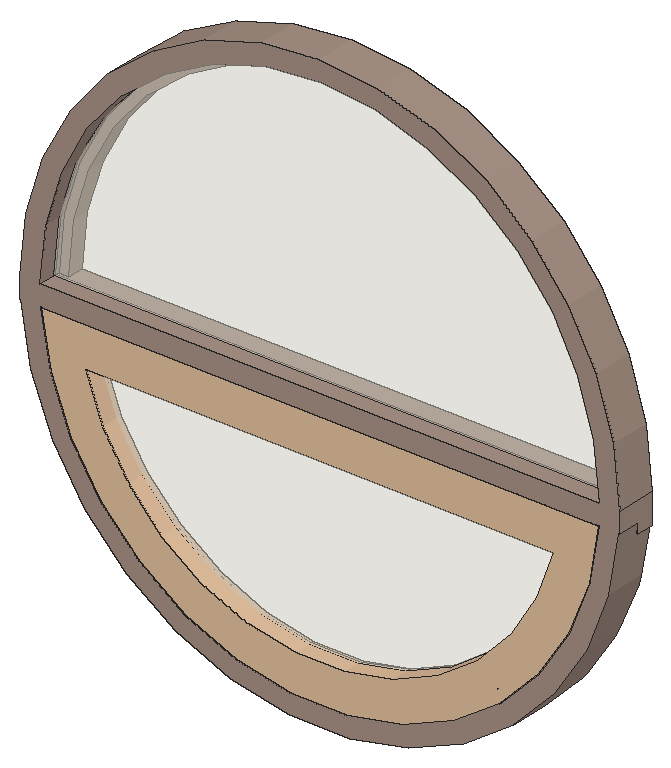
Revit family
Parameters (values of type "900 mm dia.")
  Shutter = Light Wood
  Radius = 450 mm
  Height = 900 mm
  Glass = Glass (2)
  Frame Depth = 60 mm
  Frame = Dark Wood
  Default Sill Height = 800 mm
  Wall Closure = (empty or 0)
  Width = 2 * Radius  # 900 mm
  Centre = Radius + Default Sill Height  # 1250 mm
Types (4, lengths in mm): name | Radius | Height | Width | Centre
  (no name) | 450 | 900 | 900 | 1250
  750 mm dia. | 375 | 0 | 750 | 1175
  900 mm dia. | 450 | 900 | 900 | 1250
  1000 mm dia. | 500 | 1000 | 1000 | 1300
Reference planes
  plane 1: y = 0
  plane 2 "Center (Left/Right)": x = -300
  plane 3 "Exterior": y = 75
  plane 4 "Interior": y = -75
  plane 5: z = 1250
  plane 6: y = 30
  plane 7: y = -30
  plane 8: z = 800
  plane 9: x = 150
  plane 10: x = -750
Forms (mm)
  Extrusion 1, solid, material "Dark Wood" <- "Frame"
    sketch origin (-750, 0, 0) x (0, 1, 0) y (0, 0, 1)
      loop
        line (30, 1250) -> (-30, 1250) -> (-30, 1220) -> (5, 1220) -> (5, 1205) -> (30, 1205) -> (30, 1250)
    from 0 to 900 <- "Width"
  Sweep 2, solid, material "Dark Wood" <- "Frame"
    path origin (0, 0, 0) x (1, 0, 0) y (0, 0, 1)
      loop
        circle (-300, 1250) r 450
    profile origin (-300, 0, 0) x (0, 0, -1) y (0, -1, 0)
      loop
        line (-1700, 30) -> (-1700, -30) -> (-1655, -30) -> (-1655, -5) -> (-1670, -5) -> (-1670, 30) -> (-1700, 30)
  Extrusion 3, solid, material "Light Wood" <- "Shutter"
    sketch origin (0, -30, 0) x (-1, 0, 0) y (0, 0, 1)
      loop
        arc (-118.927, 1220) -> (300, 830) -> (718.927, 1220) r 420
        line (718.927, 1220) -> (-118.927, 1220)
      loop
        arc (-51.713, 1160) -> (300, 886.954) -> (651.713, 1160) r 363.046
        line (651.713, 1160) -> (-51.713, 1160)
    from 0 to 35
  Extrusion 4, solid, material "Glass (2)" <- "Glass"
    sketch origin (0, 0, 0) x (1, 0, 0) y (0, 0, 1)
      loop
        arc (-651.996, 1160) -> (-300, 886.68) -> (51.996, 1160) r 363.32
        line (51.996, 1160) -> (-651.996, 1160)
      loop
        arc (120, 1250) -> (-300, 1670) -> (-720, 1250) r 420
        line (-720, 1250) -> (120, 1250)
    from 0 to 4
Cuts and joins
  joined: Extrusion 1, Sweep 2
Lines and regions (mm)
  Opening 1
    outline origin (3500, -75, 0) x (1, 0, 0) y (0, 0, 1)
      loop
        circle (-3800, 1250) r 450
  symbolic lines, style "WindowsFrameMullionProjection", detail levels medium+fine
    curve 1: line (-750, 30, 0) -> (-750, -30, 0)
    curve 2: line (-750, 30, 0) -> (-705, 30, 0)
    curve 3: line (-750, -30, 0) -> (-720, -30, 0)
    curve 4: line (-705, 30, 0) -> (-705, 5, 0)
    curve 5: line (-705, 5, 0) -> (-720, 5, 0)
    curve 6: line (-720, -30, 0) -> (-720, 5, 0)
    curve 7: line (150, 30, 0) -> (150, -30, 0)
    curve 8: line (150, 30, 0) -> (104.717, 30, 0)
    curve 9: line (150, -30, 0) -> (118.927, -30, 0)
    curve 10: line (118.927, -30, 0) -> (118.927, 5, 0)
    curve 11: line (104.717, 30, 0) -> (104.717, 5, 0)
    curve 12: line (104.717, 5, 0) -> (118.927, 5, 0)
  symbolic lines, style "Plan Swing"
    curve 13: line (-720, -30, 0) -> (118.927, -30, 0)
    curve 14: line (-720, 5, 0) -> (118.927, 5, 0)
  symbolic lines, style "WindowsFrameMullionProjection"
    curve 15: line (-720, -30, 0) -> (-750, -30, 0)
    curve 16: line (-720, 30, 0) -> (-720, -30, 0)
    curve 17: line (-750, 30, 0) -> (-720, 30, 0)
    curve 18: line (-750, -30, 0) -> (-750, 30, 0)
    curve 19: line (118.927, -30, 0) -> (150, -30, 0)
    curve 20: line (118.927, 30, 0) -> (118.927, -30, 0)
    curve 21: line (150, 30, 0) -> (118.927, 30, 0)
    curve 22: line (150, -30, 0) -> (150, 30, 0)
  symbolic lines, style "Elevation Swing Coarse", detail levels coarse
    curve 23: line (-718.927, 0, 1220) -> (-300, 0, 830)
    curve 24: line (-300, 0, 830) -> (118.693, 0, 1220)
  symbolic lines, style "Elevation Swing Medium", detail levels medium
    curve 25: line (-718.927, 0, 1220) -> (-300, 0, 830)
    curve 26: line (-300, 0, 830) -> (118.693, 0, 1220)
  symbolic lines, style "Elevation Swing Fine", detail levels fine
    curve 27: line (-718.927, 0, 1220) -> (-300, 0, 830)
    curve 28: line (-300, 0, 830) -> (118.693, 0, 1220)
Text (mm)
  text "EXTERIOR" at (-1981.535, 863.181, 0), in view "Ref. Level"
  text "INTERIOR" at (-2017.992, -707.606, 0), in view "Ref. Level"
  text "Exterior" at (0, 923.751, 2943.296), in view "Right"
  text "Exterior" at (0, 1019.841, 2788.626), in view "Left"
Dimensions and locks
  locked: plane 3 "Exterior" to host wall
  locked: plane 4 "Interior" to host wall
  "Centre": plane 5 to level
  "Width": plane 10 to plane 9
  equal spacing: plane 10, plane 2 "Center (Left/Right)", plane 9
  equal spacing: plane 6, plane 1, plane 7
  locked: Extrusion 1 sketch curve to Extrusion 1 sketch curve at 35
  locked: Extrusion 1 sketch curve to Extrusion 1 sketch curve at 15
  locked: Sweep 2 sketch curve to Sweep 2 sketch curve at 35
  locked: Sweep 2 sketch curve to Sweep 2 sketch curve at 15
  locked: Sweep 2 sketch curve to Sweep 2 sketch curve at 45
  "Default Sill Height": plane 8 to level
  "Frame Depth": plane 6 to plane 7
  equal spacing: plane 4 "Interior", plane 1, plane 3 "Exterior"
  "Radius": radius of Opening 1 sketch curve
  "Radius": radius of Sweep 2
  aligned and locked: Extrusion 1 to plane 10
  aligned and locked: plane 9 to Extrusion 1
  aligned and locked: Sweep 2 sketch curve to host wall
  aligned and locked: profile plane to Sweep 2 sketch curve
  aligned and locked: Sweep 2 sketch curve to plane 6
  aligned and locked: Sweep 2 sketch curve to plane 7
  aligned and locked: Extrusion 3 sketch curve to Sweep 2
  aligned and locked: Extrusion 1 to Extrusion 4 sketch curve
  aligned and locked: curve 1 to Extrusion 1  (x2)
  aligned and locked: curve 3 to Extrusion 1
  aligned and locked: Sweep 2 to curve 6
  aligned and locked: curve 7 to Extrusion 1
  aligned and locked: curve 9 to Extrusion 1
  aligned and locked: curve 10 to Extrusion 3
  aligned and locked: Sweep 2 to curve 11
  aligned and locked: curve 3 to curve 13
  aligned and locked: Sweep 2 to curve 14
  aligned and locked: curve 18 to Extrusion 1
  aligned and locked: Sweep 2 to curve 19
  aligned and locked: Extrusion 1 to curve 22
  aligned and locked: curve 22 to Extrusion 1
  aligned and locked: Extrusion 3 to curve 23
  aligned and locked: curve 23 to Extrusion 3
Automatic sketch dimensions
  Opening 1 sketch curve to plane 2 "Center (Left/Right)" = 0 mm
  Opening 1 sketch curve to plane 5 = 0 mm
  Extrusion 1 sketch curve to plane 5 = 0 mm
  Extrusion 1 sketch curve to plane 7 = 0 mm
  Extrusion 1 sketch curve to plane 6 = 0 mm
  Extrusion 1 sketch curve to Extrusion 1 sketch curve = 30 mm
  Extrusion 3 sketch curve to plane 5 = 30 mm
  Extrusion 3 sketch curve to plane 2 "Center (Left/Right)" = 0 mm
  Extrusion 3 sketch curve to plane 5 = 0 mm
  Extrusion 3 sketch curve to Extrusion 3 sketch curve = 67.214 mm
  Extrusion 3 sketch curve to Extrusion 3 sketch curve = 60 mm
  Extrusion 4 sketch curve to plane 2 "Center (Left/Right)" = 0 mm  (x2)
  Extrusion 4 sketch curve to plane 5 = 0 mm
  plane 10 to Extrusion 4 sketch curve = 98.004 mm
  plane 10 to Extrusion 4 sketch curve = 30 mm
  Extrusion 4 sketch curve to plane 5 = 90 mm
  plane 10 to curve 5 = 30 mm
  curve 16 to curve 2 = 15 mm
  curve 11 to curve 20 = 14.21 mm
  curve 27 to plane 2 "Center (Left/Right)" = 0 mm
  curve 27 to curve 23 = 0 mm
  curve 26 to plane 5 = 30 mm
  curve 24 to curve 26 = 0 mm
  curve 25 to curve 23 = 0 mm  (x2)
  curve 28 to curve 26 = 0 mm
  curve 24 to plane 8 = 30 mm
  curve 27 to curve 25 = 0 mm
  curve 24 to plane 9 = 31.307 mm
  curve 28 to curve 24 = 0 mm
  curve 26 to curve 24 = 0 mm
